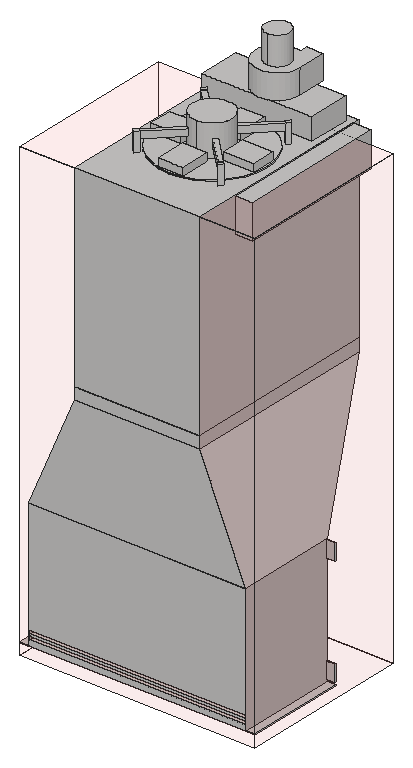
Revit family "Air-Curtain_Industrial_PoweredAire_Gas-Indirect-1Heater", category Mechanical Equipment, host Face, Revit 2022
Family settings
  Host = Face
  Round Connector Dimension = Use Diameter
  Part Type = Normal
  OmniClass Number = 23.75.35.17.21
  OmniClass Title = Air Curtains
  Cut with Voids When Loaded = No
  Maintain Annotation Orientation = No
  Shared = No
  Room Calculation Point = No
Parameters
  topbracket [instance] = Unit Height = 1' 4 3/4"  # yes
  Warranty Duration (Years) = 0
  Unit Width Notes = "Other Widths available."  # constant formula
  Unit Width = 3' - 3"
  Unit Weight = 0
  Unit Height = 1' - 4 3/4"
  Unit Depth = 1' - 9 1/4"
  URL = "http://www.poweredaire.com/"
  Test Data = ""
  Standards Conformance = "as Specified"
  Specification = "http://www.arcat.com/sdspecs/htm04/23_34_33pai.htm"
  SpecWizard = ""
  Sound Pressure = "as Specified"
  Sales Information = "http://www.poweredaire.com/contact_us"
  Revision = "R1_2016-08"
  Projection from Host [instance] = 0' - 2"
  Product Properties = ""
  Product Data = "http://www.arcat.com/arcatcos/cos47/arc47623.html"
  Power Rating = 0 W
  Piping_Operating Pressure [instance] = 0.00 psi
  Pipe OD [instance] = 5/8"
  Overall Depth = 6' - 1 3/4"
  Nozzle Width = if(1 = 1, Unit Width - 0' 3", 0' 0")  # 3' - 0"
  Mounting Width = if(1 = 1, Unit Width - 0' 1 1/2", 0' 0")  # 3' - 1 1/2"
  Mounting Height [instance] = 3' - 6"
  Motor RPM = 0
  Motor HP = 0
  Motor Count = 0
  Model = "As Specified"
  Max Height = 0' - 0"
  Manufacturer Website = "http://www.poweredaire.com/"
  Manufacturer Phone - Toll Free = "888-321-2473"
  Manufacturer Phone = "724-588-3305"
  Manufacturer Fax = "724-588-3371"
  Manufacturer Address = "109 Mortensen Rd.  Greenville, PA 16125"
  Manufacturer = "Powered Aire, Inc"
  Maintenance Schedule (Months) = 0
  Keynote = "23 34 33"
  Installation-Fabrication = ""
  Installation Phase = ""
  Include Clearance [instance] = yes
  Heating Element Load = 0 W
  Heater Weight = 0
  Heater Hanging Width = 1' - 6 5/8"
  Heater Finish [instance] = Metal - Steel - PoweredAire - Stainless 304
  HVAC_Temperature Rise = 0 °F
  HVAC_Primary CFM = 0 CFM
  HVAC_Outlet Volume = 0 CFM
  HVAC_Outlet Velocity Uniformity = 0
  HVAC_Outlet Velocity = 0 FPM
  HVAC_Exit Temperature [instance] = 0 °F
  HVAC_BTU Output = 0.0 Btu/h
  HVAC_BTU Input = 0.0 Btu/h
  Green Building-LEED = "http://www.arcat.com/green/clients/leed_data_47623.html"
  Gas Connection Diameter [instance] = 0"
  Frame Finish [instance] = Metal - Steel - PoweredAire - Stainless 304
  Expected Lifespan (Years) = 0
  Exhaust Connection Diameter = 0' - 5"
  Electrical_Wattage [instance] = Power Rating + Heating Element Load  # 0 W
  Electrical_Voltage [instance] = 0 V
  Electrical_Phase [instance] = 1
  Electrical_Frequency [instance] = 0 Hz
  Electrical_Amperage [instance] = 0 A
  Drawn By = "Sumex Design, Inc. / Robert S. Weygant, CSI, CDT, SCIP"
  Description = "Powered Aire Air Curtain as Specified"
  Default Elevation = 0' - 0"  # constant formula
  Copyright = "©Arcat Inc."
  Construction Details = "http://www.arcat.com/details/powair/prod3336.html"
  Clearance_Top [instance] = 1' - 0"
  Clearance_Side B [instance] = 0' - 0"
  Clearance_Side A [instance] = 0' - 0"
  Clearance_Intake [instance] = 0' - 0"
  Clearance_Bottom [instance] = 0' - 0"
  Clearance Material [instance] = ARCAT Clearance
  Building Codes = ""
  Available Options [instance] = "as Specified"
  Assembly Code = "D3090400"
Reference planes (in)
  plane 1 "Center (Elevation)": y = 0.13818
  plane 2: z = 0
  plane 3 "Center (Left/Right)": x = 0
  plane 4 "Top": y = 8.51318
  plane 5: y = -8.23682
  plane 6: x = -19.5
  plane 7: x = 19.5
  plane 8 "Front": z = 23.25
  plane 9 "FF": y = -41.86182
  plane 10: z = 2
  plane 11: x = 18
  plane 12: x = -18
  plane 13: y = 20.51318
  plane 14: y = -8.23682
  plane 15: x = -19.5
  plane 16: x = 19.5
  plane 17: z = 75.75
  plane 18: x = 17.9375
  plane 19: x = -17.9375
  plane 20: x = 18
  plane 21: x = 18
  plane 22: y = 6.01318
  plane 23: y = -5.73682
  plane 24: x = -9.3125
  plane 25: x = 9.3125
  plane 26: x = -10.375
  plane 27: x = 10.375
  plane 28: z = 75.75
  plane 29: z = 43.25
  plane 30: z = 41.25
Forms (in)
  Extrusion 1, solid, material "Metal - Steel - PoweredAire - Stainless 304" <- "Frame Finish"
    sketch origin (0, 0, 0) x (0, 1, 0) y (0, 0, 1)
      loop
        line (-8.23682, 2) -> (8.51318, 2) -> (8.51318, 23.25) -> (-8.23682, 23.25) -> (-8.23682, 2)
    from -18 to 18
  Extrusion 2, solid, material "ARCAT Clearance" <- "Clearance Material", visible <- "Include Clearance"
    sketch origin (0, 0, 0) x (0, 1, 0) y (0, 0, 1)
      loop
        line (-8.23682, 75.75) -> (-8.23682, 0) -> (20.51318, 0) -> (20.51318, 75.75) -> (-8.23682, 75.75)
    from -19.5 to 19.5
  Extrusion 3, solid, material "Metal - Steel - PoweredAire - Stainless 304" <- "Frame Finish"
    sketch origin (-15.17702, -180, 2) x (-1, 0, 0) y (0, -1, 0)
      loop
        line (-33.17702, -188.51318) -> (-33.17702, -171.76318) -> (-34.67702, -171.76318) -> (-34.67702, -188.51318) -> (-33.17702, -188.51318)
      loop
        line (2.82298, -188.51318) -> (4.32298, -188.51318) -> (4.32298, -171.76318) -> (2.82298, -171.76318) -> (2.82298, -188.51318)
    from 0 to 0.125
  Extrusion 4, solid, material "Metal - Steel - PoweredAire - Stainless 304" <- "Frame Finish", visible <- "topbracket"
    sketch origin (-11.83813, 8.51318, 48) x (-1, 0, 0) y (0, 0, 1)
      loop
        line (-29.83813, -45.5) -> (-29.83813, -42.75) -> (-31.33813, -42.75) -> (-31.33813, -45.5) -> (-29.83813, -45.5)
      loop
        line (-29.83813, -27.5) -> (-29.83813, -24.75) -> (-31.33813, -24.75) -> (-31.33813, -27.5) -> (-29.83813, -27.5)
      loop
        line (6.16187, -45.5) -> (7.66187, -45.5) -> (7.66187, -42.75) -> (6.16187, -42.75) -> (6.16187, -45.5)
      loop
        line (6.16187, -27.5) -> (7.66187, -27.5) -> (7.66187, -24.75) -> (6.16187, -24.75) -> (6.16187, -27.5)
    from 0 to -0.125
  Extrusion 5, void
    sketch origin (0, 0, 0) x (0, 1, 0) y (0, 0, 1)
      loop
        line (-8.23682, 3) -> (-7.23682, 3) -> (-7.23682, 4.5) -> (-8.23682, 4.5) -> (-8.23682, 3.82425) -> (-7.38364, 3.82425) -> (-7.38364, 3.57425) -> (-8.23682, 3.57425) -> (-8.23682, 3)
    from -17.9375 to 17.9375
  Blend 6, solid, material "Metal - Steel - PoweredAire - Stainless 304" <- "Frame Finish"
    base sketch origin (-15.17702, -180, 23.25) x (-1, 0, 0) y (0, -1, 0)
      loop
        line (2.82298, -188.51318) -> (2.82298, -171.76318) -> (-33.17702, -171.76318) -> (-33.17702, -188.51318) -> (2.82298, -188.51318)
    top sketch origin (-15.17702, -180, 23.25) x (-1, 0, 0) y (0, -1, 0)
      loop
        line (-4.80202, -171.76318) -> (-25.55202, -171.76318) -> (-25.55202, -204.76318) -> (-4.80202, -204.76318) -> (-4.80202, -171.76318)
    from 0 to 18
Cuts and joins
  Extrusion 5 cuts Extrusion 1
Dimensions and locks (in)
  equal spacing: plane 4 "Top", plane 1 "Center (Elevation)", plane 5
  "Unit Height": plane 4 "Top" to plane 5
  equal spacing: plane 6, plane 3 "Center (Left/Right)", plane 7
  "Unit Width": plane 6 to plane 7
  "Mounting Height": plane 1 "Center (Elevation)" to plane 9 "FF"
  "Projection from Host": plane 10 to level
  "Unit Depth": plane 8 "Front" to plane 10
  locked: plane 6 to plane 12 at 1.5
  locked: plane 11 to plane 7 at 1.5
  "Clearance_Side A": plane 7 to plane 16
  "Clearance_Side B": plane 15 to plane 6
  "Clearance_Top": plane 13 to plane 4 "Top"
  "Clearance_Bottom": plane 5 to plane 14
  "Clearance_Intake": plane 17 to plane 28
  Extrusion 5 sketch curve to Extrusion 5 sketch curve to Extrusion 5 sketch curve to Extrusion 5 sketch curve to plane 10 = 0' - 0.67575" locked, 0' - 0 1/4" locked, 0' - 0.57425" locked, 0' - 1" locked
  plane 5 to Extrusion 5 sketch curve to Extrusion 5 sketch curve = 0' - 0.85319" locked, 0' - 0.14681" locked
  locked: plane 19 to plane 12 at 0.0625
  locked: plane 11 to plane 18 at 0.0625
  locked: plane 20 to plane 11
  locked: plane 21 to plane 11
  locked: plane 4 "Top" to plane 22 at 2.5
  locked: plane 23 to plane 5 at 2.5
  equal spacing: plane 24, plane 3 "Center (Left/Right)", plane 25
  "Heater Hanging Width": plane 24 to plane 25
  locked: plane 25 to plane 27 at 1.0625
  locked: plane 26 to plane 24 at 1.0625
  "Overall Depth": plane 28 to plane 10
  locked: plane 29 to plane 30 at 2
  locked: plane 28 to plane 29 at 32.5
  locked: Blend 6 sketch curve to plane 5 at 33
  Extrusion 4 sketch curve to Extrusion 4 sketch curve to plane 10 = 0' - 2 3/4" locked, 0' - 0 1/2" locked  (x2)
  plane 8 "Front" to Extrusion 4 sketch curve to Extrusion 4 sketch curve = 0' - 0" locked, 0' - 2 3/4" locked  (x2)
  aligned and locked: plane 2 to host face
  aligned and locked: level to host face
  aligned and locked: Extrusion 2 sketch curve to plane 17
  aligned and locked: plane 14 to Extrusion 2 sketch curve
  aligned and locked: level to Extrusion 2 sketch curve
  aligned and locked: Extrusion 2 sketch curve to plane 13
  aligned and locked: plane 16 to Extrusion 2
  aligned and locked: Extrusion 2 to plane 15
  aligned and locked: plane 11 to Extrusion 1
  aligned and locked: Extrusion 1 to plane 12
  aligned and locked: Extrusion 1 sketch curve to plane 8 "Front"
  aligned and locked: plane 28 to nested 1
  aligned and locked: Blend 6 sketch curve to plane 5  (x2)
  aligned and locked: plane 12 to Blend 6 sketch curve
  aligned and locked: Blend 6 sketch curve to plane 11
  aligned and locked: Blend 6 sketch curve to plane 4 "Top"
  aligned and locked: Blend 6 sketch curve to plane 26
  aligned and locked: plane 27 to Blend 6 sketch curve
  aligned and locked: plane 30 to Blend 6
  aligned and locked: plane 3 "Center (Left/Right)" to nested 1
  aligned and locked: plane 18 to cut or joined group of Extrusion 1, Extrusion 5
  aligned and locked: cut or joined group of Extrusion 1, Extrusion 5 to plane 19
Automatic sketch dimensions
  host sketch curve to host sketch curve = 8' - 0"  (x2)
  plane 4 "Top" to Extrusion 3 sketch curve = 0' - 0"
  Extrusion 3 sketch curve to plane 7 = 0' - 0"
  plane 5 to Extrusion 3 sketch curve = 0' - 0"
  Extrusion 3 sketch curve to plane 11 = 0' - 0"
  Extrusion 3 sketch curve to plane 4 "Top" = 0' - 0"
  Extrusion 3 sketch curve to plane 12 = 0' - 0"
  Extrusion 3 sketch curve to plane 6 = 0' - 0"
  Extrusion 3 sketch curve to plane 5 = 0' - 0"
  Extrusion 4 sketch curve to plane 7 = 0' - 0"  (x2)
  Extrusion 4 sketch curve to plane 11 = 0' - 0"  (x2)
  Extrusion 4 sketch curve to plane 12 = 0' - 0"  (x2)
  Extrusion 4 sketch curve to plane 6 = 0' - 0"  (x2)
  Extrusion 5 sketch curve to plane 5 = 0' - 0"  (x2)
  Extrusion 1 sketch curve to plane 5 = 0' - 0"
  Extrusion 1 sketch curve to plane 4 "Top" = 0' - 0"
  Extrusion 1 sketch curve to plane 10 = 0' - 0"
Nested families (in)
  nested 1: "Heater" at (0, -8.23682, 43.2987) x (1, 0, 0) z (0, 1, 0), finish <- "Heater Finish", burner width <- "Heater Hanging Width", type "Heater"
    with finish Metal - Steel - PoweredAire - Stainless 304, burner width 1' - 6 5/8", Two Fan no, One Fan yes
Connectors (in)
  electrical at (-18, 0.13818, 12.625), driven by "Electrical_Voltage", driven by "Electrical_Phase"
    settings: on cut or joined group of Extrusion 1, Extrusion 5, index 3, voltage 0 V, apparent load 0 VA, apparent load phase1 0 VA, apparent load phase2 0 VA, apparent load phase3 0 VA, power factor 1, load classification "Motor", number of poles 1, system type 31, power factor state 1, is connector primary yes, connector utility no, sub classification motor no, connector description ""
  hvac at (3, 24.76318, 81.40625), driven by "Exhaust Connection Diameter", driven by "HVAC_Primary CFM"
    settings: on nested 1, index 4, duct flow 0 CFM, flow factor 0, pres drop 0.00 in-wg, loss coef 0, conn angle 0.00°, conn width 12", conn height 12", conn diameter 5", duct sys type 3, conn prof type 0, flow config 0, flow direction 2, loss method 0, conn ref index -1, conn util no, is conn primary yes, conn desc ""
Definition of nested family "Heater"
  Parameters
    finish [instance] = none
    burner width [instance] = 4' - 0 5/8"
    burner depth = 3' - 8 3/4"
    Two Fan [instance] = burner width > 4' 0"  # yes
    One Fan [instance] = burner width < 4' 0"  # no
    Default Elevation = 0' - 0"  # constant formula
  Reference planes (in)
    plane 1 "Center (Front/Back)": y = 0
    plane 2: z = 0
    plane 3 "Center (Left/Right)": x = 0
    plane 4: x = -25.375
    plane 5: x = 25.375
    plane 6: z = 33
    plane 7: y = -44.75
    plane 8: x = 3
    plane 9: x = 4.375
    plane 10: x = -12.6875
    plane 11: x = 12.6875
    plane 12: z = 15.5
    plane 13: x = -24.3125
    plane 14: x = 24.3125
  Forms (in)
    Extrusion 1, solid, material <- "finish"
      sketch origin (-74.94554, -3, 38.65968) x (0, 0, 1) y (1, 0, 0)
        loop
          line (-5.65968, 49.57054) -> (-5.65968, 100.32054) -> (-38.65968, 100.32054) -> (-38.65968, 49.57054) -> (-5.65968, 49.57054)
      from 3 to -29.4513
    Extrusion 2, solid, material <- "finish"
      sketch origin (0, 0, 0) x (0, 1, 0) y (0, 0, 1)
        loop
          line (2, 0) -> (2, 33) -> (0, 33) -> (0, 0) -> (2, 0)
      from -25.375 to 25.375
    Extrusion 3, solid, material <- "finish"
      sketch origin (-74.94554, -32.4513, 38.65968) x (0, 0, 1) y (1, 0, 0)
        loop
          line (-6.91591, 50.82971) -> (-6.91591, 99.10844) -> (-13.91591, 99.10844) -> (-13.91591, 50.82971) -> (-6.91591, 50.82971)
      from 0 to -3.625
    Extrusion 4, solid, material <- "finish"
      sketch origin (-74.94554, -36.0763, 38.65968) x (0, 0, 1) y (1, 0, 0)
        loop
          arc (-10.4052, 79.32054) -> (-12.67312, 72.60509) -> (-6.79809, 76.57054) r 3.74068
          line (-6.79809, 76.57054) -> (-5.65968, 76.57054) -> (-5.65968, 79.32054) -> (-10.4052, 79.32054)
      from 0 to -4.0625
    Extrusion 5, solid, material <- "finish"
      sketch origin (-73.58006, -40.1388, 35.52564) x (0, 0, -1) y (1, 0, 0)
        loop
          circle (7.27116, 74.21438) r 2
      from 4.6112 to 0
    Extrusion 6, solid, material <- "finish"
      sketch origin (0, 0, 0) x (1, 0, 0) y (0, 1, 0)
        loop
          line (28.3125, -32.4513) -> (28.3125, -26.7013) -> (25.3125, -26.7013) -> (25.3125, -32.4513) -> (28.3125, -32.4513)
      from 7.25 to 31.75
    Extrusion 7, solid, material <- "finish", visible <- "Two Fan"
      sketch origin (0, 0, 0) x (0, 1, 0) y (0, 0, 1)
        loop
          line (-32.4513, 6.22268) -> (-44.15658, 5.1986) -> (-44.15658, 4.4486) -> (-32.4513, 4.85736) -> (-32.4513, 6.22268)
      from -25.375 to 25.375
  Dimensions and locks (in)
    locked: Extrusion 4 sketch curve to Extrusion 4 sketch curve at 2.75
    "burner width": plane 13 to plane 14
    locked: plane 6 to level at 33
    "burner depth": plane 7 to plane 1 "Center (Front/Back)"
    locked: plane 8 to plane 9 at 1.375
    Extrusion 4 sketch curve to Extrusion 4 sketch curve to plane 8 = 0' - 0.99068" locked, 0' - 1 3/8" locked
    locked: Extrusion 5 sketch curve to plane 8 at 2.36568
    locked: plane 8 to plane 3 "Center (Left/Right)" at 3
    Extrusion 6 sketch curve to plane 5 to Extrusion 6 sketch curve = 0' - 0 1/16" locked, 0' - 2 15/16" locked
    equal spacing: plane 5, plane 11, plane 3 "Center (Left/Right)", plane 10, plane 4
    locked: plane 4 to plane 13 at 1.0625
    locked: plane 14 to plane 5 at 1.0625
    aligned and locked: plane 2 to level
    aligned: Extrusion 4 to Extrusion 5
    aligned: Extrusion 3 to Extrusion 2  (x2)
    aligned and locked: plane 7 to Extrusion 5
    aligned and locked: plane 4 to Extrusion 1 sketch curve
    aligned and locked: Extrusion 1 sketch curve to plane 5
    aligned and locked: Extrusion 7 to plane 4
    aligned and locked: plane 5 to Extrusion 7
    aligned and locked: plane 12 to nested 1
    aligned and locked: plane 3 "Center (Left/Right)" to nested 1
    aligned and locked: plane 12 to nested 3
    aligned and locked: plane 11 to nested 3
    aligned and locked: plane 10 to nested 2
    aligned and locked: plane 12 to nested 2
    aligned and locked: plane 5 to Extrusion 2
    aligned and locked: Extrusion 2 to plane 4
  Automatic sketch dimensions
    Extrusion 1 to Extrusion 3 sketch curve = 0' - 1.25917"
    Extrusion 1 to Extrusion 3 sketch curve = 0' - 8.25624"
    Extrusion 1 to Extrusion 3 sketch curve = 0' - 1.2121"
    Extrusion 1 to Extrusion 3 sketch curve = 0' - 1.25624"
    Extrusion 4 sketch curve to Extrusion 3 = 0' - 0.11782"
    Extrusion 4 sketch curve to Extrusion 3 = 0' - 1.25624"
    Extrusion 5 sketch curve to Extrusion 4 = 0' - 4.74552"
    Extrusion 1 sketch curve to level = 0' - 0"
    Extrusion 1 sketch curve to plane 6 = 0' - 0"
    Extrusion 2 sketch curve to level = 0' - 0"
    Extrusion 2 sketch curve to plane 1 "Center (Front/Back)" = 0' - 0"
    Extrusion 2 sketch curve to plane 6 = 0' - 0"
    Extrusion 2 sketch curve to Extrusion 2 sketch curve = 0' - 2"
    Extrusion 6 sketch curve to plane 7 = 1' - 0.2987"
    Extrusion 6 sketch curve to Extrusion 6 sketch curve = 0' - 5 3/4"
    Extrusion 7 sketch curve to plane 7 = 0' - 0.59342"
    level to Extrusion 7 sketch curve = 0' - 4.4486"
    Extrusion 7 sketch curve to Extrusion 7 sketch curve = 0' - 0 3/4"
    level to Extrusion 7 sketch curve = 0' - 4.85736"
    Extrusion 7 sketch curve to Extrusion 7 sketch curve = 0' - 11.70529"
    Extrusion 7 sketch curve to Extrusion 7 sketch curve = 0' - 1.36532"
    radius of Extrusion 5 sketch curve = 0' - 2"
  Nested families (in)
    nested 1: "FanControls" at (0, -32.4513, 15.5) x (1, 0, 0) z (0, -1, 0), finish <- "finish", visible <- "One Fan", type "FanControls"
      with finish none
    nested 2: "FanControls" at (-12.6875, -32.4513, 15.5) x (1, 0, 0) z (0, -1, 0), finish <- "finish", visible <- "Two Fan", type "FanControls"
      with finish none
    nested 3: "FanControls" at (12.6875, -32.4513, 15.5) x (1, 0, 0) z (0, -1, 0), finish <- "finish", visible <- "Two Fan", type "FanControls"
      with finish none
  Definition of nested family "FanControls"
    Parameters
      finish [instance] = none
      Default Elevation = 4' - 0"
    Reference planes (in)
      plane 1 "Center (Front/Back)": y = 0
      plane 2: z = 0
      plane 3 "Center (Left/Right)": x = 0
    Forms (in)
      Extrusion 1, solid, material <- "finish"
        sketch origin (-75.00804, 32.07233, 0) x (1, 0, 0) y (0, -1, 0)
          loop
            circle (75.00804, 32.07233) r 3.25
        from -5.33075 to 0
      Extrusion 2, solid, material <- "finish"
        sketch origin (24.44581, -78.06044, 0) x (1, 0, 0) y (0, -1, 0)
          loop
            line (-22.50831, -86.58776) -> (-22.50831, -81.58776) -> (-26.50831, -81.58776) -> (-26.50831, -86.58776) -> (-22.50831, -86.58776)
          loop
            line (-22.50831, -69.53312) -> (-26.50831, -69.53312) -> (-26.50831, -74.53312) -> (-22.50831, -74.53312) -> (-22.50831, -69.53312)
          loop
            line (-15.98099, -76.06044) -> (-20.98099, -76.06044) -> (-20.98099, -80.06044) -> (-15.98099, -80.06044) -> (-15.98099, -76.06044)
          loop
            line (-33.03563, -76.06044) -> (-33.03563, -80.06044) -> (-28.03563, -80.06044) -> (-28.03563, -76.06044) -> (-33.03563, -76.06044)
        from 0 to -1.37288
      Extrusion 3, solid, material <- "finish"
        sketch origin (-75.00804, 21.40968, 0) x (1, 0, 0) y (0, -1, 0)
          loop
            line (68.02536, 14.95733) -> (68.55569, 14.427) -> (75.00804, 20.87935) -> (81.46039, 14.427) -> (81.99072, 14.95733) -> (75.53837, 21.40968) -> (81.99072, 27.86203) -> (81.46039, 28.39236) -> (75.00804, 21.94001) -> (68.55569, 28.39236) -> (68.02536, 27.86203) -> (74.47771, 21.40968) -> (68.02536, 14.95733)
        from -3.1123 to -2
      Extrusion 4, solid, material <- "finish"
        sketch origin (-75.00804, 21.40968, 0) x (1, 0, 0) y (0, -1, 0)
          loop
            line (68.02536, 13.89667) -> (68.55569, 14.427) -> (68.02536, 14.95733) -> (67.49503, 14.427) -> (68.02536, 13.89667)
          loop
            line (82.52105, 14.427) -> (81.99072, 14.95733) -> (81.46039, 14.427) -> (81.99072, 13.89667) -> (82.52105, 14.427)
          loop
            line (81.99072, 28.92269) -> (81.46039, 28.39236) -> (81.99072, 27.86203) -> (82.52105, 28.39236) -> (81.99072, 28.92269)
          loop
            line (67.49503, 28.39236) -> (68.02536, 27.86203) -> (68.55569, 28.39236) -> (68.02536, 28.92269) -> (67.49503, 28.39236)
        from 0 to -3.1123
      Extrusion 5, solid, material <- "finish"
        sketch origin (0, 0, 0) x (1, 0, 0) y (0, 1, 0)
          loop
            circle (0, 0) r 9
        from 0 to 0.14961
    Dimensions and locks (in)
      Extrusion 4 sketch curve to Extrusion 4 sketch curve to Extrusion 4 sketch curve to Extrusion 4 sketch curve = 0' - 0.53033" locked, 0' - 0" locked, 0' - 0.53033" locked  (x4)
      Extrusion 3 sketch curve to Extrusion 3 sketch curve to Extrusion 3 sketch curve to Extrusion 3 sketch curve to Extrusion 3 sketch curve = 0' - 5.92202" locked, 0' - 0" locked, 0' - 0.53033" locked, 0' - 0" locked
      Extrusion 3 sketch curve to Extrusion 3 sketch curve to Extrusion 3 sketch curve to Extrusion 3 sketch curve to Extrusion 3 sketch curve = 0' - 0" locked, 0' - 0.53033" locked, 0' - 0" locked, 0' - 5.92202" locked
      locked: Extrusion 2 sketch curve to Extrusion 2 sketch curve at 5  (x2)
      aligned and locked: plane 2 to level
